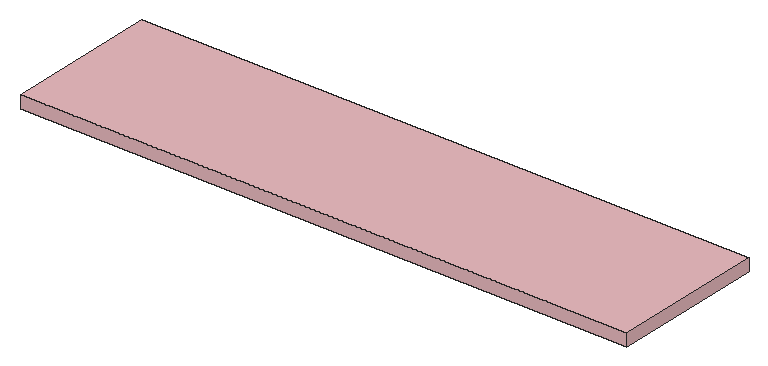
Revit family "Envirocoustic-Wood-Wool-panel-2", category Specialty Equipment, Revit 2026
Family settings
  Round Connector Dimension = Use Diameter
  Part Type = Normal
  Classification Number = 23.35.00.00
  Work Plane-Based = Yes
  Enable Cutting in Views = Yes
  Always vertical = No
  Cut with Voids When Loaded = No
  Maintain Annotation Orientation = No
  Shared = No
  Room Calculation Point = No
Parameters (values of type "2" Square 2ft x 8ft Custom Painted")
  URL = "https://www.acousticalsurfaces.com/envirocoustic-wood-wool/ceiling-wall-panels/"
  Type Comments = "Acoustic panels for vertical and horizontal surfaces"
  Thickness Options = 2
  T = if(Thickness Options = 0, 0' 1", 0' 0") + if(Thickness Options = 1, 0' 1 3/8", 0' 0") + if(Thickness Options = 2, 0' 2", 0' 0")  # 0' - 2"
  Recycled Content Percentage = "0%"
  Model = "Envirocoustic Wood Wool"
  Material = "Envirocoustic Wood Wool"
  Manufacturer = "Acoustical Surfaces, Inc."
  Fire Rating = "ASTM E84 - Class A"
  Finish = Paint - Acoustical-Surfaces - Custom Painted
  Edge Option = 2
  ‍     2. Square = Edge Option = 2  # yes
  ‍     1. Beveled = Edge Option = 1  # no
  Width = 2' - 0"
  Length = 8' - 0"
  ‍      2. Thickness 2" = Thickness Options = 2  # yes
  ‍      1. Thickness 1-3/8" = Thickness Options = 1  # no
  ‍      0. Thickness 1" = Thickness Options = 0  # no
  Description = "Acoustic Panels"
  Default Elevation = 4' - 0"
  Backfill = no
  Assembly Code = "C30"
  Acoustics - NRC = "Sound absorption varies from NRC 0.45 to 0.95 based on installation method used when tested per ASTM C423."
  A = if(Backfill, 0' 1", 0' 0")  # 0' - 0"
Types (72): name | Thickness Options | T | Finish | Edge Option | ‍     2. Square | ‍     1. Beveled | Length | ‍      2. Thickness 2" | ‍      1. Thickness 1-3/8" | ‍      0. Thickness 1" | Default Elevation | Backfill | A
  2" Square 2ft x 8ft Custom Painted | 2 | 0' - 2" | Paint - Acoustical-Surfaces - Custom Painted | 2 | yes | no | 8' - 0" | yes | no | no | 4' - 0" | no | 0' - 0"
  2" Square 2ft x 4ft Custom Painted | 2 | 0' - 2" | Paint - Acoustical-Surfaces - Custom Painted | 2 | yes | no | 4' - 0" | yes | no | no | 4' - 0" | no | 0' - 0"
  2" Square 2ft x 8ft Custom Painted With Backfill | 2 | 0' - 2" | Paint - Acoustical-Surfaces - Custom Painted | 2 | yes | no | 8' - 0" | yes | no | no | 4' - 0" | yes | 0' - 1"
  2" Square 2ft x 4ft Custom Painted With Backfill | 2 | 0' - 2" | Paint - Acoustical-Surfaces - Custom Painted | 2 | yes | no | 4' - 0" | yes | no | no | 4' - 0" | yes | 0' - 1"
  2" Square 2ft x 8ft Primed White | 2 | 0' - 2" | Paint - Acoustical-Surfaces - Primed White | 2 | yes | no | 8' - 0" | yes | no | no | 4' - 0" | no | 0' - 0"
  2" Square 2ft x 4ft Primed White | 2 | 0' - 2" | Paint - Acoustical-Surfaces - Primed White | 2 | yes | no | 4' - 0" | yes | no | no | 4' - 0" | no | 0' - 0"
  2" Square 2ft x 8ft Primed White With Backfill | 2 | 0' - 2" | Paint - Acoustical-Surfaces - Primed White | 2 | yes | no | 8' - 0" | yes | no | no | 4' - 0" | yes | 0' - 1"
  2" Square 2ft x 4ft Primed White With Backfill | 2 | 0' - 2" | Paint - Acoustical-Surfaces - Primed White | 2 | yes | no | 4' - 0" | yes | no | no | 4' - 0" | yes | 0' - 1"
  2" Square 2ft x 8ft Primed Clear | 2 | 0' - 2" | Paint - Acoustical-Surfaces - Primed Clear | 2 | yes | no | 8' - 0" | yes | no | no | 4' - 0" | no | 0' - 0"
  2" Square 2ft x 4ft Primed Clear | 2 | 0' - 2" | Paint - Acoustical-Surfaces - Primed Clear | 2 | yes | no | 4' - 0" | yes | no | no | 4' - 0" | no | 0' - 0"
  2" Square 2ft x 8ft Primed Clear With Backfill | 2 | 0' - 2" | Paint - Acoustical-Surfaces - Primed Clear | 2 | yes | no | 8' - 0" | yes | no | no | 4' - 0" | yes | 0' - 1"
  2" Square 2ft x 4ft Primed Clear With Backfill | 2 | 0' - 2" | Paint - Acoustical-Surfaces - Primed Clear | 2 | yes | no | 4' - 0" | yes | no | no | 4' - 0" | yes | 0' - 1"
  2" Beveled 2ft x 8ft Custom Painted | 2 | 0' - 2" | Paint - Acoustical-Surfaces - Custom Painted | 1 | no | yes | 8' - 0" | yes | no | no | 4' - 0" | no | 0' - 0"
  2" Beveled 2ft x 4ft Custom Painted | 2 | 0' - 2" | Paint - Acoustical-Surfaces - Custom Painted | 1 | no | yes | 4' - 0" | yes | no | no | 2' - 0" | no | 0' - 0"
  2" Beveled 2ft x 8ft Custom Painted With Backfill | 2 | 0' - 2" | Paint - Acoustical-Surfaces - Custom Painted | 1 | no | yes | 8' - 0" | yes | no | no | 4' - 0" | yes | 0' - 1"
  2" Beveled 2ft x 4ft Custom Painted With Backfill | 2 | 0' - 2" | Paint - Acoustical-Surfaces - Custom Painted | 1 | no | yes | 4' - 0" | yes | no | no | 4' - 0" | yes | 0' - 1"
  2" Beveled 2ft x 8ft Primed White | 2 | 0' - 2" | Paint - Acoustical-Surfaces - Primed White | 1 | no | yes | 8' - 0" | yes | no | no | 4' - 0" | no | 0' - 0"
  2" Beveled 2ft x 4ft Primed White | 2 | 0' - 2" | Paint - Acoustical-Surfaces - Primed White | 1 | no | yes | 4' - 0" | yes | no | no | 4' - 0" | no | 0' - 0"
  2" Beveled 2ft x 8ft Primed White With Backfill | 2 | 0' - 2" | Paint - Acoustical-Surfaces - Primed White | 1 | no | yes | 8' - 0" | yes | no | no | 4' - 0" | yes | 0' - 1"
  2" Beveled 2ft x 4ft Primed White With Backfill | 2 | 0' - 2" | Paint - Acoustical-Surfaces - Primed White | 1 | no | yes | 4' - 0" | yes | no | no | 4' - 0" | yes | 0' - 1"
  2" Beveled 2ft x 8ft Primed Clear | 2 | 0' - 2" | Paint - Acoustical-Surfaces - Primed Clear | 1 | no | yes | 8' - 0" | yes | no | no | 4' - 0" | no | 0' - 0"
  2" Beveled 2ft x 4ft Primed Clear | 2 | 0' - 2" | Paint - Acoustical-Surfaces - Primed Clear | 1 | no | yes | 4' - 0" | yes | no | no | 4' - 0" | no | 0' - 0"
  2" Beveled 2ft x 8ft Primed Clear With Backfill | 2 | 0' - 2" | Paint - Acoustical-Surfaces - Primed Clear | 1 | no | yes | 8' - 0" | yes | no | no | 4' - 0" | yes | 0' - 1"
  2" Beveled 2ft x 4ft Primed Clear With Backfill | 2 | 0' - 2" | Paint - Acoustical-Surfaces - Primed Clear | 1 | no | yes | 4' - 0" | yes | no | no | 4' - 0" | yes | 0' - 1"
  1 3/8" Square 2ft x 8ft Custom Painted | 1 | 0' - 1 3/8" | Paint - Acoustical-Surfaces - Custom Painted | 2 | yes | no | 8' - 0" | no | yes | no | 4' - 0" | no | 0' - 0"
  1 3/8" Square 2ft x 4ft Custom Painted | 1 | 0' - 1 3/8" | Paint - Acoustical-Surfaces - Custom Painted | 2 | yes | no | 4' - 0" | no | yes | no | 4' - 0" | no | 0' - 0"
  1 3/8" Square 2ft x 8ft Custom Painted With Backfill | 1 | 0' - 1 3/8" | Paint - Acoustical-Surfaces - Custom Painted | 2 | yes | no | 8' - 0" | no | yes | no | 4' - 0" | yes | 0' - 1"
  1 3/8" Square 2ft x 4ft Custom Painted With Backfill | 1 | 0' - 1 3/8" | Paint - Acoustical-Surfaces - Custom Painted | 2 | yes | no | 4' - 0" | no | yes | no | 4' - 0" | yes | 0' - 1"
  1 3/8" Square 2ft x 8ft Primed White | 1 | 0' - 1 3/8" | Paint - Acoustical-Surfaces - Primed White | 2 | yes | no | 8' - 0" | no | yes | no | 4' - 0" | no | 0' - 0"
  1 3/8" Square 2ft x 4ft Primed White | 1 | 0' - 1 3/8" | Paint - Acoustical-Surfaces - Primed White | 2 | yes | no | 4' - 0" | no | yes | no | 4' - 0" | no | 0' - 0"
  1 3/8" Square 2ft x 8ft Primed White With Backfill | 1 | 0' - 1 3/8" | Paint - Acoustical-Surfaces - Primed White | 2 | yes | no | 8' - 0" | no | yes | no | 4' - 0" | yes | 0' - 1"
  1 3/8" Square 2ft x 4ft Primed White With Backfill | 1 | 0' - 1 3/8" | Paint - Acoustical-Surfaces - Primed White | 2 | yes | no | 4' - 0" | no | yes | no | 4' - 0" | yes | 0' - 1"
  1 3/8" Square 2ft x 8ft Primed Clear | 1 | 0' - 1 3/8" | Paint - Acoustical-Surfaces - Primed Clear | 2 | yes | no | 8' - 0" | no | yes | no | 4' - 0" | no | 0' - 0"
  1 3/8" Square 2ft x 4ft Primed Clear | 1 | 0' - 1 3/8" | Paint - Acoustical-Surfaces - Primed Clear | 2 | yes | no | 4' - 0" | no | yes | no | 4' - 0" | no | 0' - 0"
  1 3/8" Square 2ft x 8ft Primed Clear With Backfill | 1 | 0' - 1 3/8" | Paint - Acoustical-Surfaces - Primed Clear | 2 | yes | no | 8' - 0" | no | yes | no | 4' - 0" | yes | 0' - 1"
  1 3/8" Square 2ft x 4ft Primed Clear With Backfill | 1 | 0' - 1 3/8" | Paint - Acoustical-Surfaces - Primed Clear | 2 | yes | no | 4' - 0" | no | yes | no | 4' - 0" | yes | 0' - 1"
  1 3/8" Beveled 2ft x 8ft Custom Painted | 1 | 0' - 1 3/8" | Paint - Acoustical-Surfaces - Custom Painted | 1 | no | yes | 8' - 0" | no | yes | no | 4' - 0" | no | 0' - 0"
  1 3/8" Beveled 2ft x 4ft Custom Painted | 1 | 0' - 1 3/8" | Paint - Acoustical-Surfaces - Custom Painted | 1 | no | yes | 4' - 0" | no | yes | no | 4' - 0" | no | 0' - 0"
  1 3/8" Beveled 2ft x 8ft Custom Painted With Backfill | 1 | 0' - 1 3/8" | Paint - Acoustical-Surfaces - Custom Painted | 1 | no | yes | 8' - 0" | no | yes | no | 4' - 0" | yes | 0' - 1"
  1 3/8" Beveled 2ft x 4ft Custom Painted With Backfill | 1 | 0' - 1 3/8" | Paint - Acoustical-Surfaces - Custom Painted | 1 | no | yes | 4' - 0" | no | yes | no | 4' - 0" | yes | 0' - 1"
  1 3/8" Beveled 2ft x 8ft Primed White | 1 | 0' - 1 3/8" | Paint - Acoustical-Surfaces - Primed White | 1 | no | yes | 8' - 0" | no | yes | no | 4' - 0" | no | 0' - 0"
  1 3/8" Beveled 2ft x 4ft Primed White | 1 | 0' - 1 3/8" | Paint - Acoustical-Surfaces - Primed White | 1 | no | yes | 4' - 0" | no | yes | no | 4' - 0" | no | 0' - 0"
  1 3/8" Beveled 2ft x 8ft Primed White With Backfill | 1 | 0' - 1 3/8" | Paint - Acoustical-Surfaces - Primed White | 1 | no | yes | 8' - 0" | no | yes | no | 4' - 0" | yes | 0' - 1"
  1 3/8" Beveled 2ft x 4ft Primed White With Backfill | 1 | 0' - 1 3/8" | Paint - Acoustical-Surfaces - Primed White | 1 | no | yes | 4' - 0" | no | yes | no | 4' - 0" | yes | 0' - 1"
  1 3/8" Beveled 2ft x 8ft Primed Clear | 1 | 0' - 1 3/8" | Paint - Acoustical-Surfaces - Primed Clear | 1 | no | yes | 8' - 0" | no | yes | no | 4' - 0" | no | 0' - 0"
  1 3/8" Beveled 2ft x 4ft Primed Clear | 1 | 0' - 1 3/8" | Paint - Acoustical-Surfaces - Primed Clear | 1 | no | yes | 4' - 0" | no | yes | no | 4' - 0" | no | 0' - 0"
  1 3/8" Beveled 2ft x 8ft Primed Clear With Backfill | 1 | 0' - 1 3/8" | Paint - Acoustical-Surfaces - Primed Clear | 1 | no | yes | 8' - 0" | no | yes | no | 4' - 0" | yes | 0' - 1"
  1 3/8" Beveled 2ft x 4ft Primed Clear With Backfill | 1 | 0' - 1 3/8" | Paint - Acoustical-Surfaces - Primed Clear | 1 | no | yes | 4' - 0" | no | yes | no | 4' - 0" | yes | 0' - 1"
  1" Square 2ft x 8ft Custom Painted | 0 | 0' - 1" | Paint - Acoustical-Surfaces - Custom Painted | 2 | yes | no | 8' - 0" | no | no | yes | 4' - 0" | no | 0' - 0"
  1" Square 2ft x 4ft Custom Painted | 0 | 0' - 1" | Paint - Acoustical-Surfaces - Custom Painted | 2 | yes | no | 4' - 0" | no | no | yes | 4' - 0" | no | 0' - 0"
  1" Square 2ft x 8ft Primed White | 0 | 0' - 1" | Paint - Acoustical-Surfaces - Primed White | 2 | yes | no | 8' - 0" | no | no | yes | 4' - 0" | no | 0' - 0"
  1" Square 2ft x 4ft Primed White | 0 | 0' - 1" | Paint - Acoustical-Surfaces - Primed White | 2 | yes | no | 4' - 0" | no | no | yes | 4' - 0" | no | 0' - 0"
  1" Square 2ft x 8ft Primed Clear | 0 | 0' - 1" | Paint - Acoustical-Surfaces - Primed Clear | 2 | yes | no | 8' - 0" | no | no | yes | 4' - 0" | no | 0' - 0"
  1" Square 2ft x 4ft Primed Clear | 0 | 0' - 1" | Paint - Acoustical-Surfaces - Primed Clear | 2 | yes | no | 4' - 0" | no | no | yes | 4' - 0" | no | 0' - 0"
  1" Square 2ft x 8ft Custom Painted With Backfill | 0 | 0' - 1" | Paint - Acoustical-Surfaces - Custom Painted | 2 | yes | no | 8' - 0" | no | no | yes | 4' - 0" | yes | 0' - 1"
  1" Square 2ft x 4ft Custom Painted With Backfill | 0 | 0' - 1" | Paint - Acoustical-Surfaces - Custom Painted | 2 | yes | no | 4' - 0" | no | no | yes | 4' - 0" | yes | 0' - 1"
  1" Square 2ft x 8ft Primed White With Backfill | 0 | 0' - 1" | Paint - Acoustical-Surfaces - Primed White | 2 | yes | no | 8' - 0" | no | no | yes | 4' - 0" | yes | 0' - 1"
  1" Square 2ft x 4ft Primed White With Backfill | 0 | 0' - 1" | Paint - Acoustical-Surfaces - Primed White | 2 | yes | no | 4' - 0" | no | no | yes | 4' - 0" | yes | 0' - 1"
  1" Square 2ft x 8ft Primed Clear With Backfill | 0 | 0' - 1" | Paint - Acoustical-Surfaces - Primed Clear | 2 | yes | no | 8' - 0" | no | no | yes | 4' - 0" | yes | 0' - 1"
  1" Square 2ft x 4ft Primed Clear With Backfill | 0 | 0' - 1" | Paint - Acoustical-Surfaces - Primed Clear | 2 | yes | no | 4' - 0" | no | no | yes | 4' - 0" | yes | 0' - 1"
  1" Beveled 2ft x 8ft Custom Painted | 0 | 0' - 1" | Paint - Acoustical-Surfaces - Custom Painted | 1 | no | yes | 8' - 0" | no | no | yes | 4' - 0" | no | 0' - 0"
  1" Beveled 2ft x 4ft Custom Painted | 0 | 0' - 1" | Paint - Acoustical-Surfaces - Custom Painted | 1 | no | yes | 4' - 0" | no | no | yes | 4' - 0" | no | 0' - 0"
  1" Beveled 2ft x 8ft Primed White | 0 | 0' - 1" | Paint - Acoustical-Surfaces - Primed White | 1 | no | yes | 8' - 0" | no | no | yes | 4' - 0" | no | 0' - 0"
  1" Beveled 2ft x 4ft Primed White | 0 | 0' - 1" | Paint - Acoustical-Surfaces - Primed White | 1 | no | yes | 4' - 0" | no | no | yes | 4' - 0" | no | 0' - 0"
  1" Beveled 2ft x 8ft Primed Clear | 0 | 0' - 1" | Paint - Acoustical-Surfaces - Primed Clear | 1 | no | yes | 8' - 0" | no | no | yes | 4' - 0" | no | 0' - 0"
  1" Beveled 2ft x 4ft Primed Clear | 0 | 0' - 1" | Paint - Acoustical-Surfaces - Primed Clear | 1 | no | yes | 4' - 0" | no | no | yes | 4' - 0" | no | 0' - 0"
  1" Beveled 2ft x 8ft Custom Painted With Backfill | 0 | 0' - 1" | Paint - Acoustical-Surfaces - Custom Painted | 1 | no | yes | 8' - 0" | no | no | yes | 4' - 0" | yes | 0' - 1"
  1" Beveled 2ft x 4ft Custom Painted With Backfill | 0 | 0' - 1" | Paint - Acoustical-Surfaces - Custom Painted | 1 | no | yes | 4' - 0" | no | no | yes | 4' - 0" | yes | 0' - 1"
  1" Beveled 2ft x 8ft Primed White With Backfill | 0 | 0' - 1" | Paint - Acoustical-Surfaces - Primed White | 1 | no | yes | 8' - 0" | no | no | yes | 4' - 0" | yes | 0' - 1"
  1" Beveled 2ft x 4ft Primed White With Backfill | 0 | 0' - 1" | Paint - Acoustical-Surfaces - Primed White | 1 | no | yes | 4' - 0" | no | no | yes | 4' - 0" | yes | 0' - 1"
  1" Beveled 2ft x 8ft Primed Clear With Backfill | 0 | 0' - 1" | Paint - Acoustical-Surfaces - Primed Clear | 1 | no | yes | 8' - 0" | no | no | yes | 4' - 0" | yes | 0' - 1"
  1" Beveled 2ft x 4ft Primed Clear With Backfill | 0 | 0' - 1" | Paint - Acoustical-Surfaces - Primed Clear | 1 | no | yes | 4' - 0" | no | no | yes | 4' - 0" | yes | 0' - 1"
Reference planes (in)
  plane 1 "Center (Front/Back)": y = 0
  plane 2: z = 0
  plane 3 "Center (Left/Right)": x = 0
  plane 4: x = -48
  plane 5: x = 48
  plane 6: y = 12
  plane 7: y = -12
  plane 8: z = 2
Dimensions and locks (in)
  "A": nested 1 to plane 2
  "A": nested 2 to level
  equal spacing: plane 4, plane 3 "Center (Left/Right)", plane 5
  equal spacing: plane 7, plane 1 "Center (Front/Back)", plane 6
  "Length": plane 4 to plane 5
  "Width": plane 7 to plane 6
  "T": plane 8 to plane 2
  aligned and locked: level to plane 2
Nested families (in)
  nested 1: "Beveled" at (0, 0, 0), visible <- "‍     1. Beveled", type "Beveled"
    with Thickness 0' - 2", A 8' - 0"
  nested 2: "Square" at (0, 0, 0), visible <- "‍     2. Square", type "Square"
    with Thickness 0' - 2", A 8' - 0"
  nested 3: "Backfill" at (0, 0, 0), visible <- "Backfill", type "Backfill"
    with Width 2' - 0", Length 8' - 0"
Definition of nested family "Beveled"
  Parameters (values of type "Beveled")
    Thickness = 0' - 1"
    Material = none
    Default Elevation = 0' - 0"
    B = 2' - 0"
    A = 4' - 0"
  Reference planes (in)
    plane 1 "Center (Front/Back)": y = 0
    plane 2: z = 0
    plane 3 "Center (Left/Right)": x = 0
    plane 4: x = -24
    plane 5: x = 24
    plane 6: y = 12
    plane 7: y = -12
    plane 8: z = 1
  Forms (in)
    Extrusion 1, solid, material <- "Material"
      sketch origin (0, 0, 0) x (1, 0, 0) y (0, 1, 0)
        loop
          line (24, 12) -> (-24, 12) -> (-24, -12) -> (24, -12) -> (24, 12)
      from 0 to 1
    Sweep 2, void
      path in 3D
        loop
          line (24, 12, 1) -> (-24, 12, 1) -> (-24, -12, 1) -> (24, -12, 1) -> (24, 12, 1)
      profile "Triangle : Family2" origin (24, 0, 1) x (-1, 0, 0) y (0, 0, 1)
        loop
          line (0, 0) -> (0, -0.315) -> (0.315, 0) -> (0, 0)
  Cuts and joins
    Sweep 2 cuts Extrusion 1
  Lines and regions (in)
    sketch lines
      curve 1: line (24, -12, 1) -> (24, 12, 1)
      curve 2: line (-24, -12, 1) -> (24, -12, 1)
      curve 3: line (-24, 12, 1) -> (-24, -12, 1)
      curve 4: line (24, 12, 1) -> (-24, 12, 1)
  Dimensions and locks (in)
    equal spacing: plane 4, plane 3 "Center (Left/Right)", plane 5
    equal spacing: plane 7, plane 1 "Center (Front/Back)", plane 6
    "B": plane 7 to plane 6
    "A": plane 4 to plane 5
    "Thickness": plane 8 to level
    aligned and locked: level to plane 2
    aligned and locked: Extrusion 1 sketch curve to plane 4
    aligned and locked: plane 5 to Extrusion 1 sketch curve
    aligned and locked: Extrusion 1 sketch curve to plane 6
    aligned and locked: Extrusion 1 sketch curve to plane 7
    aligned and locked: Extrusion 1 to plane 8
Definition of nested family "Square"
  Parameters (values of type "Square")
    Thickness = 0' - 1"
    Material = none
    Default Elevation = 0' - 0"
    B = 2' - 0"
    A = 4' - 0"
  Reference planes (in)
    plane 1 "Center (Front/Back)": y = 0
    plane 2: z = 0
    plane 3 "Center (Left/Right)": x = 0
    plane 4: x = -24
    plane 5: x = 24
    plane 6: y = 12
    plane 7: y = -12
    plane 8: z = 1
  Forms (in)
    Extrusion 1, solid, material <- "Material"
      sketch origin (0, 0, 0) x (1, 0, 0) y (0, 1, 0)
        loop
          line (24, 12) -> (-24, 12) -> (-24, -12) -> (24, -12) -> (24, 12)
      from 0 to 1
  Dimensions and locks (in)
    equal spacing: plane 4, plane 3 "Center (Left/Right)", plane 5
    equal spacing: plane 7, plane 1 "Center (Front/Back)", plane 6
    "B": plane 7 to plane 6
    "A": plane 4 to plane 5
    "Thickness": plane 8 to level
    aligned and locked: level to plane 2
    aligned and locked: Extrusion 1 sketch curve to plane 4
    aligned and locked: plane 5 to Extrusion 1 sketch curve
    aligned and locked: Extrusion 1 sketch curve to plane 6
    aligned and locked: Extrusion 1 sketch curve to plane 7
    aligned and locked: Extrusion 1 to plane 8
Definition of nested family "Backfill"
  Parameters (values of type "Family4")
    Width = 6' - 3.7874"
    Thickness = 0' - 1"
    Length = 7' - 4.94292"
    Default Elevation = 0' - 0"
  Reference planes (in)
    plane 1 "Center (Front/Back)": y = 0
    plane 2: z = 0
    plane 3 "Center (Left/Right)": x = 0
    plane 4: x = -44.47146
    plane 5: x = 44.47146
    plane 6: y = 37.8937
    plane 7: y = -37.8937
    plane 8: z = 1
  Forms (in)
    Extrusion 1, solid
      sketch origin (0, 0, 0) x (1, 0, 0) y (0, 1, 0)
        loop
          line (-44.47146, 37.8937) -> (-44.47146, -37.8937) -> (44.47146, -37.8937) -> (44.47146, 37.8937) -> (-44.47146, 37.8937)
      from 0 to 1
  Dimensions and locks (in)
    equal spacing: plane 4, plane 3 "Center (Left/Right)", plane 5
    "Length": plane 4 to plane 5
    equal spacing: plane 7, plane 1 "Center (Front/Back)", plane 6
    "Width": plane 7 to plane 6
    "Thickness": plane 8 to plane 2
    aligned and locked: level to plane 2
    aligned and locked: Extrusion 1 sketch curve to plane 5
    aligned and locked: plane 4 to Extrusion 1 sketch curve
    aligned and locked: plane 6 to Extrusion 1 sketch curve
    aligned and locked: plane 7 to Extrusion 1 sketch curve
    aligned and locked: plane 8 to Extrusion 1
    aligned and locked: Extrusion 1 to level
